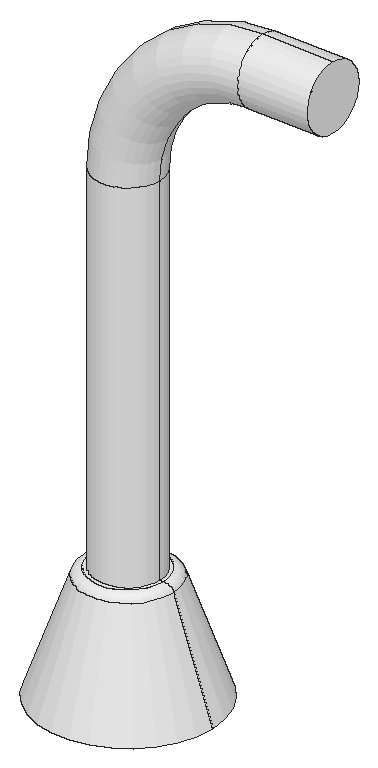
Revit family "Coolibah-Classic-Cross-Basin-Outlet-180mm-90304C5A", category Plumbing Fixtures, host Face, Revit 2015
Parameters (values of type "Coolibah-Classic-Cross-Basin-Outlet-180mm-90304C5A")
  URL = "https://www.caroma.com.au/"
  Model = "90304C5A"
  Material_Base = GWA_Metal-Chrome
  Manufacturer = "GWA Bathrooms & Kitchens"  # constant formula
  Description = "Coolibah-Classic-Cross-Basin-Outlet-180mm"
  Default Elevation = 900 mm
  CreatedBy_ANZRS = "GWA Bathrooms & Kitchens"  # constant formula
  Assembly Code = "C1030220"
Reference planes
  plane 1 "Center (Front/Back)": y = 0
  plane 2: z = 0
  plane 3 "Center (Left/Right)": x = 0
Forms (mm)
  Revolve 1, solid, material "GWA_Metal-Chrome" <- "Material_Base"
    sketch origin (0, 0, 0) x (1, 0, 0) y (0, 0, 1)
      loop
        line (0, 34) -> (-10.689, 34)
        arc (-10.689, 34) -> (-12.416, 33.454) -> (-13.513, 32.013) r 3
        line (-13.513, 32.013) -> (-25, 0) -> (0, 0) -> (0, 34)
      axis (0, 34) -> (0, 0)
    angle from 0 to 360
  Sweep 2, solid, material "GWA_Metal-Chrome" <- "Material_Base"
    path origin (0, 0, 0) x (1, 0, 0) y (0, 0, 1)
      loop
        line (0, 34) -> (0, 140)
        arc (0, 140) -> (11.716, 168.284) -> (40, 180) r 40
        line (40, 180) -> (60.7, 180)
    profile origin (0, 0, 87) x (-1, 0, 0) y (0, -1, 0)
      loop
        circle (0, 0) r 9.5
Lines and regions (mm)
  Masking region 1
    outline origin (0, 0, 0) x (1, 0, 0) y (0, 1, 0)
      loop
        arc (23.125, 9.5) -> (-4.842, 24.527) -> (-25, 0) r 25
        arc (-25, 0) -> (-4.842, -24.527) -> (23.125, -9.5) r 25
        line (23.125, -9.5) -> (60.7, -9.5) -> (60.7, 9.5) -> (23.125, 9.5)
  Masking region 2
    outline origin (0, 0, 0) x (1, 0, 0) y (0, 0, 1)
      loop
        line (60.7, 189.5) -> (40, 189.5)
        arc (40, 189.5) -> (4.998, 175.002) -> (-9.5, 140) r 49.5
        line (-9.5, 140) -> (-9.5, 34) -> (-10.689, 34)
        arc (-10.689, 34) -> (-12.416, 33.454) -> (-13.513, 32.013) r 3
        line (-13.513, 32.013) -> (-25, 0) -> (25, 0) -> (13.513, 32.013)
        arc (13.513, 32.013) -> (12.416, 33.454) -> (10.689, 34) r 3
        line (10.689, 34) -> (9.5, 34) -> (9.5, 140)
        arc (9.5, 140) -> (18.433, 161.567) -> (40, 170.5) r 30.5
        line (40, 170.5) -> (60.7, 170.5) -> (60.7, 189.5)
  Masking region 3
    outline origin (0, 0, 0) x (0, 1, 0) y (0, 0, 1)
      loop
        arc (9.5, 180) -> (0, 189.5) -> (-9.5, 180) r 9.5
        line (-9.5, 180) -> (-9.5, 34) -> (-10.524, 34)
        arc (-10.524, 34) -> (-12.245, 33.457) -> (-13.343, 32.026) r 3
        line (-13.343, 32.026) -> (-25, 0) -> (25, 0) -> (13.343, 32.026)
        arc (13.343, 32.026) -> (12.245, 33.457) -> (10.524, 34) r 3
        line (10.524, 34) -> (9.5, 34) -> (9.5, 180)
  symbolic lines
    curve 1: arc (-25, 0, 0) -> (-4.842, -24.527, 0) -> (23.125, -9.5, 0) r 25
    curve 2: line (60.7, -9.5, 0) -> (60.7, 9.5, 0)
    curve 3: arc (0, 9.5, 0) -> (-9.5, 0, 0) -> (0, -9.5, 0) r 9.5
    curve 4: line (0, 9.5, 0) -> (60.7, 9.5, 0)
    curve 5: line (0, -9.5, 0) -> (60.7, -9.5, 0)
    curve 6: arc (23.125, 9.5, 0) -> (-4.842, 24.527, 0) -> (-25, 0, 0) r 25
    curve 7: line (-10.689, 0, 34) -> (10.689, 0, 34)
    curve 8: line (-25, 0, 0) -> (-13.513, 0, 32.013)
    curve 9: arc (-13.513, 0, 32.013) -> (-12.416, 0, 33.454) -> (-10.689, 0, 34) r 3
    curve 10: line (25, 0, 0) -> (13.513, 0, 32.013)
    curve 11: arc (13.513, 0, 32.013) -> (12.416, 0, 33.454) -> (10.689, 0, 34) r 3
    curve 12: arc (-9.5, 0, 140) -> (4.998, 0, 175.002) -> (40, 0, 189.5) r 49.5
    curve 13: line (60.7, 0, 189.5) -> (40, 0, 189.5)
    curve 14: line (60.7, 0, 170.5) -> (40, 0, 170.5)
    curve 15: arc (9.5, 0, 140) -> (18.433, 0, 161.567) -> (40, 0, 170.5) r 30.5
    curve 16: line (9.5, 0, 140) -> (9.5, 0, 34)
    curve 17: line (-9.5, 0, 140) -> (-9.5, 0, 34)
    curve 18: line (60.7, 0, 189.5) -> (60.7, 0, 170.5)
    curve 19: line (0, 25, 0) -> (0, -25, 0)
    curve 20: line (0, -25, 0) -> (0, -13.343, 32.026)
    curve 21: line (0, 25, 0) -> (0, 13.343, 32.026)
    curve 22: line (0, 10.524, 34) -> (0, -10.524, 34)
    curve 23: arc (0, -10.524, 34) -> (0, -12.245, 33.457) -> (0, -13.343, 32.026) r 3
    curve 24: arc (0, 13.343, 32.026) -> (0, 12.245, 33.457) -> (0, 10.524, 34) r 3
    curve 25: line (0, -9.5, 180) -> (0, -9.5, 34)
    curve 26: line (0, 9.5, 180) -> (0, 9.5, 34)
    curve 27: arc (0, 9.5, 180) -> (0, 0, 189.5) -> (0, -9.5, 180) r 9.5
Dimensions and locks
  aligned and locked: plane 2 to host face
  aligned and locked: level to host face
Connectors
  piping at (0, 0, 0), diameter 20
    settings: index 1, connector inside diameter 609.6 mm, connector length 0 mm, flow factor 0, pipe flow 0.0 L/s, pressure drop 0.0 Pa, fitting loss kfactor 0, connector angle 0.00°, fixture units 0, engagement length 0 mm, angle of deflection 0.00°, flow configuration 3, flow direction 1, fitting loss method 0, system type 19, joint type 0, gender type 0, connector reference index -1, connector utility 0, adjustable connector no, is connector primary yes, connector description ""
